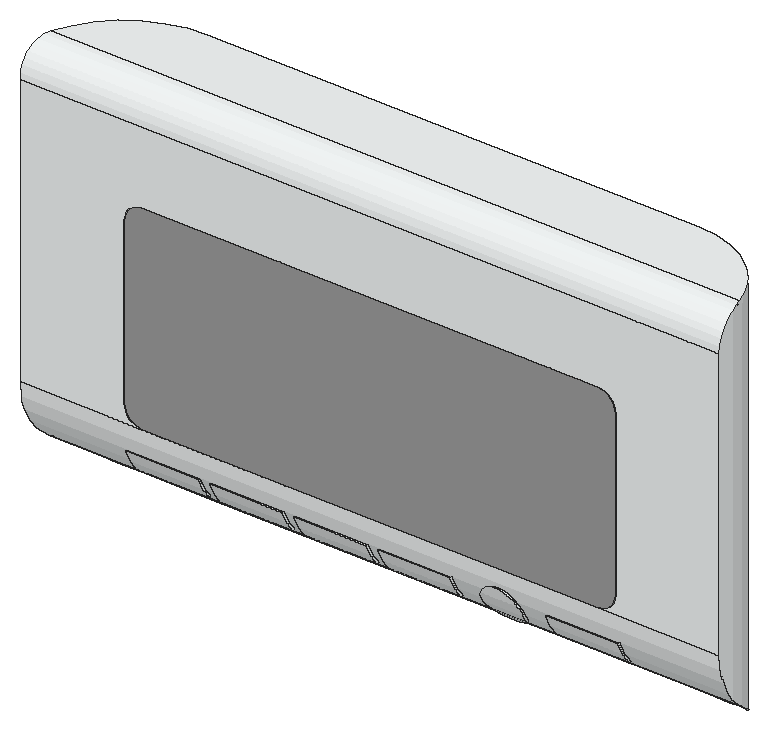
Revit family "56_WTH_thermostaat D9375_e", category Mechanical Equipment, Revit 2012
Parameters
  lod_niveau = "LOD400"  # constant formula
  leverancier = "WTH Vloerverwarming B.V."  # constant formula
  datasheet = "http://www.wth.nl/CmsData/Producten/D9375/D9375%20Productblad%20digitale%20klokthermostaat.pdf"
  content_modified_date = "08-08-2013"
  content_creation_date = "08-08-2013"  # constant formula
  bestelnummer = "D9375"  # constant formula
  artikelnummer = "D9375"  # constant formula
  URL = "http://www.wth.nl/Items/nl-NL/Producten/assortiment/D9375-WTH-Comfort-digitale-klokthermostaat"
  Model = ""
  Manufacturer = "WTH Vloerverwarming B.V."  # constant formula
  GTIN = ""
  GLN = ""
  Description = "WTH Comfort digitale klokthermostaat toepasbaar in combinatie met de UMR"  # constant formula
  Content version = "1.0"  # constant formula
  Content Creator = "www.cadac.com/aec"
Reference planes
  plane 1 "Center (Front/Back)": y = 0
  plane 2: z = 0
  plane 3 "Center (Left/Right)": x = 0
  plane 4: x = -77.5
  plane 5: x = 77.5
  plane 6: z = 92
  plane 7: y = -23
  plane 8: x = -20
  plane 9: z = 69
  plane 10: z = 25
  plane 11: x = 20
  plane 12: x = -54.5
  plane 13: x = 54.5
  plane 14: x = -20.2
  plane 15: z = 25
  plane 16: z = 85
  plane 17: y = -16
  plane 18: z = 24.869
Forms (mm)
  Extrusion 1, solid, material "zz_250-255-255"
    sketch origin (0, 0, 0) x (1, 0, 0) y (0, 0, 1)
      loop
        line (-77.5, 92) -> (-77.5, 0) -> (77.5, 0) -> (77.5, 92) -> (-77.5, 92)
    from 0 to 23
  Extrusion 2, void
    sketch origin (0, 0, 0) x (1, 0, 0) y (0, 0, 1)
      loop
        arc (-50.5, 69) -> (-53.328, 67.828) -> (-54.5, 65) r 4
        line (-54.5, 65) -> (-54.5, 29)
        arc (-54.5, 29) -> (-53.328, 26.172) -> (-50.5, 25) r 4
        line (-50.5, 25) -> (50.5, 25)
        arc (50.5, 25) -> (53.328, 26.172) -> (54.5, 29) r 4
        line (54.5, 29) -> (54.5, 65)
        arc (54.5, 65) -> (53.328, 67.828) -> (50.5, 69) r 4
        line (50.5, 69) -> (-50.5, 69)
    from 21.604 to 23
  Extrusion 3, solid, material "zz_128-128-128"
    sketch origin (23.265, 0, 0) x (1, 0, 0) y (0, 0, 1)
      loop
        arc (-73.765, 69) -> (-76.593, 67.828) -> (-77.765, 65) r 4
        line (-77.765, 65) -> (-77.765, 29)
        arc (-77.765, 29) -> (-76.593, 26.172) -> (-73.765, 25) r 4
        line (-73.765, 25) -> (27.235, 25)
        arc (27.235, 25) -> (30.064, 26.172) -> (31.235, 29) r 4
        line (31.235, 29) -> (31.235, 65)
        arc (31.235, 65) -> (30.064, 67.828) -> (27.235, 69) r 4
        line (27.235, 69) -> (-73.765, 69)
    from 21.604 to 23
  Extrusion 4, void
    sketch origin (0, 0, 0) x (0, 1, 0) y (0, 0, 1)
      loop
        arc (-15.91, 11.559) -> (-21.119, 17.402) -> (-23, 25) r 16.285
        line (-23, 25) -> (-23, 0) -> (0, 0) -> (-15.91, 11.559)
    from -77.5 to 77.5
  Extrusion 5, void
    sketch origin (0, 0, 101.8) x (0, 1, 0) y (0, 0, 1)
      loop
        line (-16, -9.8) -> (-23, -9.8) -> (-23, -16.8)
        arc (-23, -16.8) -> (-20.95, -11.85) -> (-16, -9.8) r 7
    from -77.5 to 77.5
  Extrusion 6, solid, material "zz_250-255-255"
    sketch origin (-4.999, 0, 0) x (1, 0, 0) y (0, 0, 1)
      loop
        line (-49.501, 19) -> (-49.501, 14) -> (-33.501, 14) -> (-33.501, 19) -> (-49.501, 19)
    from 1.798 to 23
  Extrusion 7, solid, material "zz_250-255-255"
    sketch origin (88.001, 0, 0) x (1, 0, 0) y (0, 0, 1)
      loop
        line (-49.501, 19) -> (-49.501, 14) -> (-33.501, 14) -> (-33.501, 19) -> (-49.501, 19)
    from 1.798 to 23
  Extrusion 8, solid, material "zz_250-255-255"
    sketch origin (13.601, 0, 0) x (1, 0, 0) y (0, 0, 1)
      loop
        line (-49.501, 19) -> (-49.501, 14) -> (-33.501, 14) -> (-33.501, 19) -> (-49.501, 19)
    from 1.798 to 23
  Extrusion 9, solid, material "zz_250-255-255"
    sketch origin (32.201, 0, 0) x (1, 0, 0) y (0, 0, 1)
      loop
        line (-49.501, 19) -> (-49.501, 14) -> (-33.501, 14) -> (-33.501, 19) -> (-49.501, 19)
    from 1.798 to 23
  Extrusion 10, solid, material "zz_250-255-255"
    sketch origin (50.801, 0, 0) x (1, 0, 0) y (0, 0, 1)
      loop
        line (-49.501, 19) -> (-49.501, 14) -> (-33.501, 14) -> (-33.501, 19) -> (-49.501, 19)
    from 1.798 to 23
  Extrusion 11, solid, material "zz_250-255-255"
    sketch origin (69.401, 0, 0) x (1, 0, 0) y (0, 0, 1)
      loop
        circle (-41.501, 16.5) r 4.5
    from 1.798 to 23.483
  Extrusion 12, void
    sketch origin (0, -0.483, -0.131) x (0, 1, 0) y (0, 0, 1)
      loop
        arc (-15.91, 11.559) -> (-21.119, 17.402) -> (-23, 25) r 16.285
        line (-23, 25) -> (-23, 0) -> (0, 0) -> (-15.91, 11.559)
    from -77.5 to 77.5
  Extrusion 13, void
    sketch origin (0, 0, 0) x (1, 0, 0) y (0, 1, 0)
      loop
        line (77.5, 0) -> (54.5, 0)
        arc (54.5, 0) -> (70.763, -6.737) -> (77.5, -23) r 23
        line (77.5, -23) -> (77.5, 0)
    from 0 to 92
  Extrusion 14, void
    sketch origin (0, 0, 0) x (-1, 0, 0) y (0, -1, 0)
      loop
        line (77.5, 0) -> (77.5, 23)
        arc (77.5, 23) -> (70.763, 6.737) -> (54.5, 0) r 23
        line (54.5, 0) -> (77.5, 0)
    from 0 to 92
Cuts and joins
  Extrusion 2, Extrusion 4, Extrusion 5, Extrusion 12, Extrusion 13, Extrusion 14 cuts Extrusion 1
  Extrusion 12 cuts Extrusion 6
  Extrusion 12 cuts Extrusion 7
  Extrusion 12 cuts Extrusion 8
  Extrusion 12 cuts Extrusion 9
  Extrusion 12 cuts Extrusion 10
  Extrusion 12 cuts Extrusion 11
Dimensions and locks
  equal spacing: plane 5, plane 3 "Center (Left/Right)", plane 4
  plane 5 to plane 4 = 155.0 mm
  plane 6 to plane 2 = 92.0 mm
  equal spacing: plane 13, plane 3 "Center (Left/Right)", plane 12
  plane 13 to plane 12 = 109.0 mm
  plane 6 to plane 9 = 23.0 mm
  aligned and locked: level to plane 2
  aligned and locked: Extrusion 1 sketch curve to plane 6
  aligned and locked: plane 4 to Extrusion 1 sketch curve
  aligned and locked: plane 2 to Extrusion 1 sketch curve
  aligned and locked: Extrusion 1 sketch curve to plane 5
  aligned and locked: Extrusion 1 to plane 7
  aligned and locked: Extrusion 2 to Extrusion 3  (x2)
  aligned and locked: plane 13 to Extrusion 2
  aligned and locked: Extrusion 5 to plane 4
  aligned and locked: plane 5 to Extrusion 5
  aligned and locked: plane 5 to Extrusion 4
  aligned and locked: Extrusion 4 to plane 4
  aligned and locked: plane 12 to Extrusion 3 sketch curve
  aligned and locked: Extrusion 3 sketch curve to plane 13
Automatic sketch dimensions
  Extrusion 2 sketch curve to plane 12 = 0.0 mm
  Extrusion 2 sketch curve to plane 10 = 0.0 mm
  Extrusion 2 sketch curve to plane 9 = 0.0 mm
  Extrusion 2 sketch curve to plane 13 = 0.0 mm
  plane 12 to Extrusion 2 sketch curve = 4.0 mm
  Extrusion 2 sketch curve to Extrusion 2 sketch curve = 4.0 mm
  plane 10 to Extrusion 2 sketch curve = 4.0 mm
  Extrusion 2 sketch curve to plane 13 = 4.0 mm
  Extrusion 3 sketch curve to plane 10 = 0.0 mm
  Extrusion 3 sketch curve to plane 9 = 0.0 mm
  plane 10 to Extrusion 3 sketch curve = 4.0 mm
  plane 12 to Extrusion 3 sketch curve = 4.0 mm
  Extrusion 3 sketch curve to Extrusion 3 sketch curve = 4.0 mm
  Extrusion 3 sketch curve to plane 13 = 4.0 mm
  Extrusion 4 sketch curve to level = 0.0 mm
  Extrusion 4 sketch curve to plane 7 = 0.0 mm
  Extrusion 4 sketch curve to plane 10 = 0.0 mm
  Extrusion 4 sketch curve to plane 1 "Center (Front/Back)" = 0.0 mm
  plane 7 to Extrusion 4 sketch curve = 7.09 mm
  plane 1 "Center (Front/Back)" to Extrusion 4 sketch curve = 6.715 mm
  Extrusion 5 sketch curve to plane 6 = 0.0 mm
  Extrusion 5 sketch curve to plane 7 = 0.0 mm
  plane 16 to Extrusion 5 sketch curve = 0.0 mm
  Extrusion 6 sketch curve to plane 12 = 0.0 mm
  plane 12 to Extrusion 6 sketch curve = 16.0 mm
  Extrusion 6 sketch curve to plane 10 = 11.0 mm
  Extrusion 6 sketch curve to Extrusion 6 sketch curve = 5.0 mm
  Extrusion 7 sketch curve to plane 13 = 0.0 mm
  Extrusion 7 sketch curve to plane 10 = 6.0 mm
  Extrusion 7 sketch curve to Extrusion 7 sketch curve = 16.0 mm
  Extrusion 7 sketch curve to Extrusion 7 sketch curve = 5.0 mm
  Extrusion 8 sketch curve to plane 14 = 15.7 mm
  plane 8 to Extrusion 8 sketch curve = 0.1 mm
  Extrusion 8 sketch curve to plane 10 = 11.0 mm
  Extrusion 8 sketch curve to Extrusion 8 sketch curve = 5.0 mm
  plane 8 to Extrusion 9 sketch curve = 2.7 mm
  Extrusion 9 sketch curve to plane 3 "Center (Left/Right)" = 1.3 mm
  Extrusion 9 sketch curve to plane 10 = 11.0 mm
  Extrusion 9 sketch curve to Extrusion 9 sketch curve = 5.0 mm
  plane 3 "Center (Left/Right)" to Extrusion 10 sketch curve = 1.3 mm
  plane 11 to Extrusion 10 sketch curve = 2.7 mm
  Extrusion 10 sketch curve to plane 10 = 11.0 mm
  Extrusion 10 sketch curve to Extrusion 10 sketch curve = 5.0 mm
  Extrusion 11 sketch curve to plane 11 = 7.9 mm
  Extrusion 11 sketch curve to plane 10 = 8.5 mm
  Extrusion 12 sketch curve to plane 18 = 0.0 mm
  Extrusion 12 sketch curve to level = 0.131 mm
  Extrusion 12 sketch curve to plane 7 = 0.483 mm
  plane 7 to Extrusion 12 sketch curve = 6.606 mm
  plane 1 "Center (Front/Back)" to Extrusion 12 sketch curve = 7.198 mm
  plane 1 "Center (Front/Back)" to Extrusion 12 sketch curve = 0.483 mm
  Extrusion 13 sketch curve to plane 7 = 0.0 mm
  Extrusion 13 sketch curve to plane 13 = 0.0 mm
  plane 1 "Center (Front/Back)" to Extrusion 13 sketch curve = 0.0 mm
  Extrusion 14 sketch curve to plane 7 = 0.0 mm
  Extrusion 14 sketch curve to plane 12 = 0.0 mm
  plane 1 "Center (Front/Back)" to Extrusion 14 sketch curve = 0.0 mm
  radius of Extrusion 11 sketch curve = 4.5 mm
